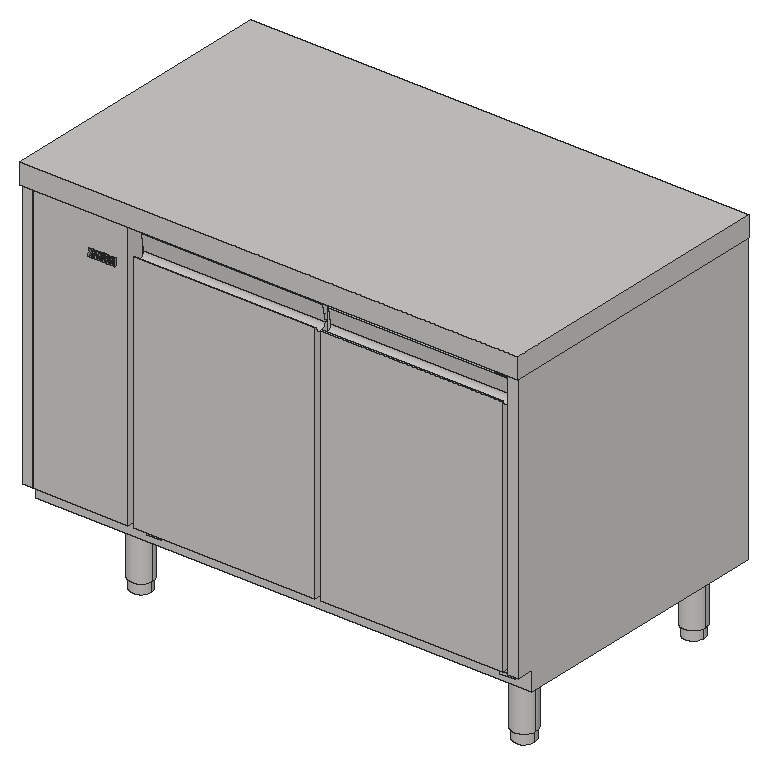
Revit family "QF_ZANUSSI_111070_ZH2KRAA", category Specialty Equipment, Revit 2018
Family settings
  Round Connector Dimension = Use Diameter
  Part Type = Normal
  Work Plane-Based = No
  Always vertical = Yes
  Cut with Voids When Loaded = No
  Shared = No
  Room Calculation Point = No
Parameters
  Weight = 0.00 kg
  Watts = 0.00836127 W
  Volts = 220 V
  URL Manufacturer = "http://www.zanussiprofessional.com/"
  URL = "http://www.zanussiprofessional.com/"
  Steam Supply Size = 0 mm
  Steam Supply Minimum Pressure = 0.0 Pa
  Steam Supply Maximum Pressure = 0.0 Pa
  Steam Pounds per Hour = 0
  Show Logo [instance] = yes
  Show Clearance [instance] = yes
  Refrigeration Suction Line Size = 0 mm
  Refrigeration Liquid Line Size = 0 mm
  Refrigerant Compressor Remote = yes
  Manufacturer = "Zanussi"
  Phase = 1
  Model = "ZH2KRAA"
  Length Actual = 1207 mm  # constant formula
  Item Number = "111070"
  Hot Water Size = 0 mm
  Height Actual = 900 mm  # constant formula
  HP = "0.1 HP"
  Gas Size = 0 mm
  Gas KW = 0
  Gas Input Pressure = 0 W
  Description = "2 DOORS FREEZER TABLE 290L-REM"
  Depth Actual = 700 mm  # constant formula
  Cycle = 0 Hz
  Condensate Return Size = 0 mm
  Compressed Air Volume = 0.0 L/s
  Compressed Air Size = 0 mm
  Compressed Air Pressure = 0.0 Pa
  Cold Water Size = 0 mm
  Accessory = yes
Reference planes
  plane 1 "Center X": y = 182.5
  plane 2: z = 0
  plane 3 "Center Y": x = -57.5
  plane 4: y = -62.5
  plane 5: y = 451.5
  plane 6 "BACK": y = 532.5
  plane 7 "FRONT": y = -167.5
  plane 8: x = -452
  plane 9: x = 478
  plane 10: z = 150
  plane 11 "TOP": z = 900
  plane 12: z = 850
  plane 13: x = -659
  plane 14: x = 544
  plane 15 "LEFT": x = -661
  plane 16 "RIGHT": x = 546
Forms (mm)
  Extrusion 1, solid, material "QF_Finishes_Stainless Steel"
    sketch origin (-57.5, 2, 0) x (0, 1, 0) y (0, 0, 1)
      loop
        line (530.5, 150) -> (530.5, 850) -> (-124.5, 850) -> (-124.5, 150) -> (530.5, 150)
    from -601.5 to 601.5
  Extrusion 2, solid, material "QF_Finishes_Stainless Steel"
    sketch origin (-1022.223, -1524, 150) x (-1, 0, 0) y (0, -1, 0)
      loop
        line (-363.223, -1361.5) -> (-388.223, -1361.5) -> (-388.223, -1401.5) -> (-363.223, -1401.5) -> (-363.223, -1361.5)
      loop
        line (-1566.223, -1401.5) -> (-1541.223, -1401.5) -> (-1541.223, -1361.5) -> (-1566.223, -1361.5) -> (-1566.223, -1401.5)
    from 47 to 700
  Extrusion 3, solid, material "QF_Finishes_Stainless Steel"
    sketch origin (0, 0, 900) x (-1, 0, 0) y (0, -1, 0)
      loop
        circle (-57, -94.5) r 8.45
    from -790.577 to -750
  Extrusion 4, solid, material "QF_Finishes_Stainless Steel"
    sketch origin (0, 0, 0) x (1, 0, 0) y (0, 1, 0)
      loop
        circle (-594, 207.5) r 8.45
    from 127.77 to 150
  Extrusion 5, solid, material "QF_Finishes_Stainless Steel"
    sketch origin (0, 0, 0) x (1, 0, 0) y (0, 1, 0)
      loop
        circle (-578, 162.5) r 4.75
    from 347 to 367
  Extrusion 6, solid, material "QF_Finishes_Stainless Steel"
    sketch origin (0, 0, 0) x (1, 0, 0) y (0, 1, 0)
      loop
        circle (-531, 4.5) r 4
    from 709 to 729
  Extrusion 7, solid, material "QF_Finishes_Stainless Steel"
    sketch origin (0, 0, 0) x (1, 0, 0) y (0, 1, 0)
      loop
        circle (-553, 159.5) r 4
    from 397 to 417
  Extrusion 8, solid, material "QF_Finishes_Stainless Steel"
    sketch origin (-57.5, 0, 0) x (0, 1, 0) y (0, 0, 1)
      loop
        line (-167.5, 900) -> (-167.5, 850) -> (532.5, 850) -> (532.5, 900) -> (-167.5, 900)
    from -603.5 to 603.5
Cuts and joins
  joined: Extrusion 1, Extrusion 2
Lines and regions (mm)
  symbolic lines, style "SpecialityEquipmentHiddenLines"
    curve 1: line (-661, -122.5, 900) -> (546, -122.5, 900)
    curve 2: line (-396, -167.5, 900) -> (-396, -122.5, 900)
  symbolic lines, style "SpecialityEquipment"
    curve 3: line (-661, 532.5, 900) -> (546, 532.5, 900)
    curve 4: line (-661, 532.5, 900) -> (-661, -167.5, 900)
    curve 5: line (-661, -167.5, 900) -> (546, -167.5, 900)
    curve 6: line (546, -167.5, 900) -> (546, 532.5, 900)
Dimensions and locks
  locked: plane 6 "BACK" to plane 7 "FRONT" at 700
  equal spacing: plane 6 "BACK", plane 1 "Center X", plane 7 "FRONT"
  locked: plane 6 "BACK" to plane 5 at 81
  plane 10 to level = 150 mm
  plane 11 "TOP" to plane 12 to plane 10 = 50 mm locked, 700 mm locked
  locked: Extrusion 2 sketch curve to Extrusion 2 sketch curve at 25  (x2)
  locked: plane 4 to plane 7 "FRONT" at 105
  locked: plane 6 "BACK" to Extrusion 3 sketch curve at 438
  equal spacing: plane 13, plane 3 "Center Y", plane 14
  plane 15 "LEFT" to plane 16 "RIGHT" = 1207 mm
  locked: plane 13 to plane 8 at 207
  locked: plane 9 to plane 14 at 66
  locked: Extrusion 3 sketch curve to plane 14 at 487
  plane 6 "BACK" to Extrusion 4 sketch curve = 325 mm
  locked: plane 13 to Extrusion 4 sketch curve at 65
  locked: plane 13 to Extrusion 7 sketch curve at 106
  locked: plane 6 "BACK" to Extrusion 7 sketch curve at 373
  locked: plane 6 "BACK" to Extrusion 5 sketch curve at 370
  locked: plane 13 to Extrusion 5 sketch curve at 81
  plane 13 to Extrusion 6 sketch curve = 128 mm
  plane 6 "BACK" to Extrusion 6 sketch curve = 528 mm
  locked: plane 10 to Extrusion 4 at 22.23
  cut or joined group of Extrusion 1, Extrusion 2 to Extrusion 5 to Extrusion 5 to Extrusion 7 to Extrusion 7 to Extrusion 6 to Extrusion 6 = 197 mm locked, 20 mm locked, 30 mm locked, 20 mm locked, 292 mm locked, 20 mm locked
  aligned and locked: level to plane 2
  aligned and locked: plane 10 to Extrusion 3
  aligned and locked: nested 4 to plane 4
  aligned and locked: nested 1 to plane 4
  aligned and locked: nested 3 to plane 5
  aligned and locked: nested 2 to plane 5
  aligned and locked: plane 8 to nested 1
  aligned and locked: plane 8 to nested 2
  aligned and locked: plane 9 to nested 4
  aligned and locked: plane 9 to nested 3
  aligned and locked: Extrusion 1 to Extrusion 2
  aligned and locked: Extrusion 2 to Extrusion 1
  aligned and locked: Extrusion 2 sketch curve to plane 14
  aligned and locked: plane 13 to Extrusion 2 sketch curve
  aligned and locked: cut or joined group of Extrusion 1, Extrusion 2 to plane 10
  aligned and locked: plane 12 to cut or joined group of Extrusion 1, Extrusion 2
  aligned and locked: plane 10 to Extrusion 4
  aligned and locked: Extrusion 8 to plane 15 "LEFT"
  aligned and locked: plane 6 "BACK" to Extrusion 8
  aligned and locked: plane 16 "RIGHT" to Extrusion 8
  aligned and locked: Extrusion 8 to plane 7 "FRONT"
  aligned and locked: plane 11 "TOP" to Extrusion 8
  aligned and locked: Extrusion 8 to plane 12
Automatic sketch dimensions
  Extrusion 1 sketch curve to plane 10 = 0 mm
  Extrusion 1 sketch curve to plane 12 = 0 mm
  Extrusion 1 sketch curve to plane 6 "BACK" = 0 mm
  plane 7 "FRONT" to Extrusion 1 sketch curve = 45 mm
  plane 7 "FRONT" to Extrusion 2 sketch curve = 45 mm  (x2)
  plane 7 "FRONT" to Extrusion 2 sketch curve = 5 mm  (x2)
  curve 6 to plane 6 "BACK" = 0 mm
  curve 6 to plane 16 "RIGHT" = 0 mm
  curve 2 to plane 7 "FRONT" = 0 mm
  curve 5 to plane 15 "LEFT" = 0 mm
  plane 8 to curve 2 = 56 mm
  plane 7 "FRONT" to curve 1 = 45 mm
  Extrusion 8 sketch curve to plane 7 "FRONT" = 0 mm
  Extrusion 8 sketch curve to plane 6 "BACK" = 0 mm
  Extrusion 8 sketch curve to plane 12 = 0 mm
  Extrusion 8 sketch curve to plane 11 "TOP" = 0 mm
  radius of Extrusion 3 sketch curve = 8.45 mm
  radius of Extrusion 4 sketch curve = 8.45 mm
  radius of Extrusion 5 sketch curve = 4.75 mm
  radius of Extrusion 6 sketch curve = 4 mm
  radius of Extrusion 7 sketch curve = 4 mm
Nested families
  nested 1: "Foot_Ø50_H150" at (-452, -62.5, 0), type "Foot_Ø50_H150"
  nested 2: "Foot_Ø50_H150" at (-452, 451.5, 0), type "Foot_Ø50_H150"
  nested 3: "Foot_Ø50_H150" at (478, 451.5, 0), type "Foot_Ø50_H150"
  nested 4: "Foot_Ø50_H150" at (478, -62.5, 0), type "Foot_Ø50_H150"
  nested 5: "ZAN_Cooling Unit_Remote" at (-518.5, -164.5, 0), Show Logo <- "Show Logo", type "ZAN_Cooling Unit_Remote"
  nested 6: "Door" at (285, -164.5, 0), Show Clearance <- "Show Clearance", type "Door"
  nested 7: "Door" at (-169, -164.5, 0) x (-1, 0, 0) z (0, 0, 1), Show Clearance <- "Show Clearance", type "Door"
  nested 8: "Freezer" at (544, -167.5, 900), type "Freezer"
Connectors
  piping at (-594, 207.5, 127.77), diameter 17
    settings: on Extrusion 4, index 1, connector inside diameter 609.6 mm, connector length 0 mm, flow factor 0, pipe flow 0.0 L/s, pressure drop 0.0 Pa, fitting loss kfactor 0, connector angle 0.00°, fixture units 0, engagement length 0 mm, angle of deflection 0.00°, flow configuration 1, flow direction 2, fitting loss method 0, system type 16, joint type 0, gender type 0, connector reference index -1, connector utility 0, adjustable connector no, is connector primary yes, connector description "Drain"
  piping at (-578, 162.5, 347), diameter 9.5
    settings: on Extrusion 5, index 2, connector inside diameter 609.6 mm, connector length 0 mm, flow factor 0, pipe flow 0.0 L/s, pressure drop 0.0 Pa, fitting loss kfactor 0, connector angle 0.00°, fixture units 0, engagement length 0 mm, angle of deflection 0.00°, flow configuration 1, flow direction 2, fitting loss method 0, system type 8, joint type 0, gender type 0, connector reference index -1, connector utility 0, adjustable connector no, is connector primary no, connector description "Refrigerant Outlet"
  piping at (-553, 159.5, 397), diameter 8
    settings: on Extrusion 7, index 3, connector inside diameter 609.6 mm, connector length 0 mm, flow factor 0, pipe flow 0.0 L/s, pressure drop 0.0 Pa, fitting loss kfactor 0, connector angle 0.00°, fixture units 0, engagement length 0 mm, angle of deflection 0.00°, flow configuration 1, flow direction 1, fitting loss method 0, system type 7, joint type 0, gender type 0, connector reference index -1, connector utility 0, adjustable connector no, is connector primary no, connector description "Refrigerant Inlet"
  electrical at (-531, 4.5, 709)
    settings: on Extrusion 6, index 4, voltage 0 V, apparent load 0 VA, apparent load phase1 0 VA, apparent load phase2 0 VA, apparent load phase3 0 VA, power factor 1, load classification "Altro", number of poles 1, system type 30, power factor state 1, is connector primary yes, connector utility no, sub classification motor no, connector description "Electrical Connection"
  piping at (57, 94.5, 109.423), diameter 17
    settings: on Extrusion 3, index 5, connector inside diameter 609.6 mm, connector length 0 mm, flow factor 0, pipe flow 0.0 L/s, pressure drop 0.0 Pa, fitting loss kfactor 0, connector angle 0.00°, fixture units 0, engagement length 0 mm, angle of deflection 0.00°, flow configuration 1, flow direction 2, fitting loss method 0, system type 16, joint type 0, gender type 0, connector reference index -1, connector utility 0, adjustable connector no, is connector primary no, connector description "Drain"
Definition of nested family "Foot_Ø50_H150"
  Reference planes
    plane 1 "Centro (Fronte/Retro)": y = 0
    plane 2: z = 0
    plane 3 "Centro (Sinistra/Destra)": x = 0
    plane 4: z = 150
  Forms (mm)
    Revolve 1, solid
      sketch origin (255.05, 0, 608.09) x (0, 0, 1) y (-1, 0, 0)
        loop
          line (-608.09, 255.05) -> (-608.09, 230.05) -> (-583.09, 230.05) -> (-583.09, 226.05) -> (-458.09, 226.05) -> (-458.09, 255.05) -> (-608.09, 255.05)
        axis (-608.09, 255.05) -> (-458.09, 255.05)
      angle from 0 to 360
  Dimensions and locks
    locked: Revolve 1 sketch curve to Revolve 1 sketch curve at 125
    aligned and locked: level to plane 2
    aligned and locked: plane 4 to Revolve 1 sketch curve
    aligned and locked: Revolve 1 sketch curve to level
    aligned and locked: plane 3 "Centro (Sinistra/Destra)" to Revolve 1 sketch curve
Definition of nested family "ZAN_Cooling Unit_Remote"
  Parameters
    Show Logo [instance] = yes
  Reference planes
    plane 1 "FRONT": y = -3
    plane 2: z = 0
    plane 3 "Centro (Sinistra/Destra)": x = 0
    plane 4: z = 150
    plane 5: z = 850
    plane 6: x = -115.5
    plane 7: x = 115.5
  Forms (mm)
    Extrusion 1, solid
      sketch origin (0, 55, 511) x (0, 0, 1) y (0, -1, 0)
        loop
          line (-314, 53) -> (-314, 13) -> (339, 13) -> (339, 53) -> (-314, 53)
      from -115.5 to 115.5
  Lines and regions (mm)
    Split face 1
      outline origin (0, 2, 197) x (0, 0, 1) y (-1, 0, 0)
        loop
          line (622.361, 88.738) -> (620.361, 90.738) -> (551.361, 90.738) -> (549.361, 88.738) -> (549.361, -88.738) -> (551.361, -90.738) -> (620.361, -90.738) -> (622.361, -88.738) -> (622.361, 88.738)
    Split face 2
      outline origin (0, 2, 197) x (0, 0, 1) y (-1, 0, 0)
        loop
          line (594.861, 71.967) -> (576.861, 71.967) -> (576.861, 6.967) -> (594.861, 6.967) -> (594.861, 71.967)
    Split face 3
      outline origin (0, 2, 197) x (0, 0, 1) y (-1, 0, 0)
        loop
          spline (549.361, 14.392) -> (554.282, 6.98) -> (559.415, 0.36) -> (564.759, -5.468) -> (570.314, -10.504) -> (576.08, -14.748) -> (582.058, -18.199) -> (588.247, -20.859) -> (594.647, -22.726) -> (601.259, -23.801) -> (608.081, -24.084) -> (615.115, -23.575) -> (622.361, -22.274)
        loop
          spline (549.361, 2.362) -> (555.285, -3.356) -> (561.239, -8.428) -> (567.221, -12.855) -> (573.232, -16.635) -> (579.272, -19.769) -> (585.341, -22.257) -> (591.439, -24.099) -> (597.565, -25.295) -> (603.721, -25.845) -> (609.905, -25.749) -> (616.118, -25.007) -> (622.361, -23.619)
  Dimensions and locks
    aligned and locked: level to plane 2
  Nested families
    nested 1: "ZAN_Logo_XS_Grey" at (52.418, 2, 758.75) x (1, 0, 0) z (0, -1, 0), visible <- "Show Logo", type "ZAN_Logo_XS_Grey"
  Definition of nested family "ZAN_Logo_XS_Grey"
    Parameters
      Default Elevation = 0 mm
    Reference planes
      plane 1 "Centro (Fronte/Retro)": y = 0
      plane 2: z = 0
      plane 3 "Centro (Sinistra/Destra)": x = 0
    Forms (mm)
      Extrusion 1, solid
        sketch origin (0, 0, 0) x (1, 0, 0) y (0, 1, 0)
          loop
            line (-1219.2, 1219.2) -> (-1219.2, -1219.2) -> (1219.2, -1219.2) -> (1219.2, 1219.2) -> (-1219.2, 1219.2)
        from 0 to -304.8
      Extrusion 2, solid
        sketch origin (17.793, -46.218, 0) x (-1, 0, 0) y (0, -1, 0)
          loop
            spline (1.911, -54.793) -> (2.402, -54.973) -> (2.91, -55.105) -> (3.43, -55.191) -> (3.955, -55.229) -> (4.482, -55.219) -> (5.006, -55.161) -> (5.521, -55.054) -> (6.022, -54.898) -> (6.506, -54.693) -> (6.966, -54.438) -> (7.398, -54.133) -> (7.797, -53.778)
            spline (7.797, -53.778) -> (8.033, -53.407) -> (8.237, -53.008) -> (8.407, -52.586) -> (8.544, -52.147) -> (8.65, -51.697) -> (8.723, -51.241) -> (8.764, -50.785) -> (8.774, -50.335) -> (8.753, -49.897) -> (8.701, -49.475) -> (8.619, -49.075) -> (8.507, -48.704)
            line (8.507, -48.704) -> (6.883, -46.37) -> (5.158, -44.848) -> (3.027, -42.716)
            spline (3.027, -42.716) -> (3.002, -42.56) -> (2.979, -42.398) -> (2.962, -42.23) -> (2.952, -42.059) -> (2.951, -41.886) -> (2.963, -41.714) -> (2.99, -41.545) -> (3.034, -41.378) -> (3.098, -41.218) -> (3.184, -41.065) -> (3.295, -40.921) -> (3.433, -40.788)
            line (3.433, -40.788) -> (4.752, -40.687)
            spline (4.752, -40.687) -> (4.999, -40.855) -> (5.185, -41.053) -> (5.32, -41.275) -> (5.41, -41.518) -> (5.463, -41.775) -> (5.488, -42.044) -> (5.491, -42.319) -> (5.481, -42.596) -> (5.466, -42.87) -> (5.452, -43.137) -> (5.448, -43.392) -> (5.462, -43.63)
            line (5.462, -43.63) -> (9.014, -43.63)
            spline (9.014, -43.63) -> (9.056, -43.199) -> (9.08, -42.769) -> (9.084, -42.342) -> (9.067, -41.92) -> (9.027, -41.503) -> (8.964, -41.093) -> (8.875, -40.691) -> (8.759, -40.3) -> (8.615, -39.919) -> (8.441, -39.552) -> (8.237, -39.198) -> (7.999, -38.86)
            spline (7.999, -38.86) -> (7.708, -38.596) -> (7.394, -38.361) -> (7.059, -38.155) -> (6.707, -37.977) -> (6.338, -37.828) -> (5.957, -37.706) -> (5.565, -37.612) -> (5.165, -37.545) -> (4.76, -37.504) -> (4.351, -37.491) -> (3.942, -37.503) -> (3.534, -37.541)
            spline (3.534, -37.541) -> (3.104, -37.608) -> (2.677, -37.709) -> (2.258, -37.842) -> (1.85, -38.007) -> (1.459, -38.203) -> (1.086, -38.429) -> (0.737, -38.685) -> (0.415, -38.969) -> (0.123, -39.282) -> (-0.133, -39.622) -> (-0.35, -39.989) -> (-0.525, -40.383)
            spline (-0.525, -40.383) -> (-0.633, -40.866) -> (-0.704, -41.352) -> (-0.738, -41.837) -> (-0.736, -42.318) -> (-0.698, -42.794) -> (-0.627, -43.262) -> (-0.521, -43.719) -> (-0.382, -44.164) -> (-0.211, -44.592) -> (-0.008, -45.003) -> (0.226, -45.394) -> (0.49, -45.761)
            line (0.49, -45.761) -> (4.549, -49.414) -> (5.056, -50.023) -> (5.259, -51.647) -> (4.042, -52.256) -> (3.027, -51.546) -> (2.925, -49.414) -> (-0.424, -49.414) -> (-0.22, -52.865)
            spline (-0.22, -52.865) -> (-0.13, -53.068) -> (-0.013, -53.268) -> (0.127, -53.466) -> (0.287, -53.658) -> (0.464, -53.843) -> (0.655, -54.019) -> (0.856, -54.185) -> (1.065, -54.338) -> (1.278, -54.478) -> (1.492, -54.601) -> (1.704, -54.707) -> (1.911, -54.793)
          loop
            spline (-10.267, -52.966) -> (-9.987, -53.421) -> (-9.658, -53.822) -> (-9.284, -54.17) -> (-8.873, -54.466) -> (-8.429, -54.711) -> (-7.959, -54.907) -> (-7.467, -55.054) -> (-6.96, -55.154) -> (-6.443, -55.207) -> (-5.922, -55.214) -> (-5.402, -55.178) -> (-4.889, -55.098)
            spline (-4.889, -55.098) -> (-4.532, -55.03) -> (-4.176, -54.93) -> (-3.825, -54.799) -> (-3.483, -54.639) -> (-3.156, -54.45) -> (-2.847, -54.235) -> (-2.561, -53.994) -> (-2.303, -53.729) -> (-2.077, -53.442) -> (-1.889, -53.134) -> (-1.742, -52.805) -> (-1.641, -52.459)
            spline (-1.641, -52.459) -> (-1.485, -51.997) -> (-1.371, -51.525) -> (-1.299, -51.049) -> (-1.269, -50.572) -> (-1.282, -50.098) -> (-1.337, -49.63) -> (-1.434, -49.173) -> (-1.574, -48.73) -> (-1.756, -48.306) -> (-1.98, -47.904) -> (-2.246, -47.528) -> (-2.555, -47.182)
            line (-2.555, -47.182) -> (-6.31, -43.833) -> (-7.121, -42.615)
            spline (-7.121, -42.615) -> (-7.146, -42.461) -> (-7.169, -42.304) -> (-7.188, -42.144) -> (-7.2, -41.984) -> (-7.204, -41.823) -> (-7.198, -41.664) -> (-7.178, -41.506) -> (-7.144, -41.352) -> (-7.093, -41.202) -> (-7.023, -41.058) -> (-6.932, -40.919) -> (-6.817, -40.788)
            line (-6.817, -40.788) -> (-5.802, -40.585)
            spline (-5.802, -40.585) -> (-5.443, -40.671) -> (-5.17, -40.818) -> (-4.971, -41.02) -> (-4.836, -41.266) -> (-4.753, -41.547) -> (-4.711, -41.854) -> (-4.699, -42.178) -> (-4.705, -42.51) -> (-4.718, -42.84) -> (-4.726, -43.16) -> (-4.719, -43.46) -> (-4.686, -43.731)
            line (-4.686, -43.731) -> (-1.134, -43.63)
            spline (-1.134, -43.63) -> (-1.09, -43.193) -> (-1.063, -42.747) -> (-1.055, -42.296) -> (-1.07, -41.845) -> (-1.112, -41.396) -> (-1.185, -40.953) -> (-1.291, -40.522) -> (-1.435, -40.104) -> (-1.619, -39.705) -> (-1.848, -39.329) -> (-2.125, -38.978) -> (-2.453, -38.657)
            spline (-2.453, -38.657) -> (-2.873, -38.351) -> (-3.319, -38.09) -> (-3.785, -37.876) -> (-4.269, -37.706) -> (-4.765, -37.582) -> (-5.269, -37.503) -> (-5.778, -37.468) -> (-6.287, -37.477) -> (-6.792, -37.53) -> (-7.288, -37.626) -> (-7.771, -37.765) -> (-8.238, -37.947)
            spline (-8.238, -37.947) -> (-8.443, -38.033) -> (-8.65, -38.14) -> (-8.858, -38.264) -> (-9.065, -38.405) -> (-9.269, -38.562) -> (-9.468, -38.733) -> (-9.661, -38.917) -> (-9.846, -39.112) -> (-10.022, -39.317) -> (-10.185, -39.53) -> (-10.335, -39.751) -> (-10.47, -39.977)
            spline (-10.47, -39.977) -> (-10.65, -40.464) -> (-10.783, -40.962) -> (-10.87, -41.467) -> (-10.91, -41.976) -> (-10.904, -42.487) -> (-10.851, -42.996) -> (-10.752, -43.501) -> (-10.606, -43.998) -> (-10.413, -44.486) -> (-10.174, -44.961) -> (-9.889, -45.421) -> (-9.557, -45.863)
            line (-9.557, -45.863) -> (-5.295, -49.719) -> (-4.787, -51.038) -> (-5.193, -52.053) -> (-6.107, -52.256) -> (-7.121, -51.546) -> (-7.223, -49.516) -> (-10.673, -49.414)
            spline (-10.673, -49.414) -> (-10.656, -49.721) -> (-10.65, -50.03) -> (-10.653, -50.341) -> (-10.658, -50.651) -> (-10.662, -50.96) -> (-10.661, -51.267) -> (-10.648, -51.569) -> (-10.621, -51.865) -> (-10.573, -52.154) -> (-10.502, -52.435) -> (-10.401, -52.706) -> (-10.267, -52.966)
          loop
            line (-11.282, -37.541) -> (-14.834, -37.541) -> (-14.834, -54.894) -> (-11.282, -54.894) -> (-11.282, -37.541)
          loop
            line (15.205, -41.702) -> (15.205, -54.894) -> (18.757, -54.894) -> (18.757, -43.224) -> (18.554, -40.383)
            arc (18.554, -40.383) -> (17.093, -38.328) -> (14.698, -37.541) r 4.037
            line (14.698, -37.541) -> (13.074, -37.541) -> (12.262, -37.744)
            arc (12.262, -37.744) -> (10.306, -39.004) -> (9.522, -41.194) r 3.619
            line (9.522, -41.194) -> (9.522, -54.894) -> (13.074, -54.894) -> (13.074, -42.006) -> (13.479, -41.093) -> (14.596, -40.991) -> (15.205, -41.702)
          loop
            line (19.569, -54.894) -> (22.816, -54.894) -> (22.816, -43.833) -> (25.759, -54.894) -> (29.514, -54.894) -> (29.514, -37.541) -> (26.368, -37.541) -> (26.368, -49.008) -> (23.425, -37.541) -> (19.569, -37.541) -> (19.569, -54.894)
          loop
            line (41.184, -54.894) -> (50.013, -54.894) -> (50.013, -51.647) -> (45.345, -51.749) -> (50.419, -41.093) -> (50.419, -37.541) -> (41.184, -37.541) -> (41.184, -41.093) -> (46.511, -41.093) -> (41.184, -51.952) -> (41.184, -54.894)
          loop
            line (32.964, -54.894) -> (37.835, -54.894) -> (40.981, -37.541) -> (37.328, -37.541) -> (36.821, -40.89) -> (33.878, -40.89) -> (33.37, -37.541) -> (29.717, -37.541) -> (32.964, -54.894)
          loop
            line (36.415, -44.036) -> (34.385, -44.036) -> (35.4, -51.928) -> (36.415, -44.036)
        from 0 to 1.644
    Dimensions and locks
      aligned and locked: plane 2 to Extrusion 1
      aligned and locked: level to Extrusion 1
Definition of nested family "Door"
  Parameters
    Show Clearance [instance] = yes
  Reference planes
    plane 1 "FRONT": y = -3
    plane 2: z = 0
    plane 3 "Centro (Sinistra/Destra)": x = 0
    plane 4: z = 150
    plane 5: z = 850
    plane 6: x = -234
    plane 7: x = 234
    plane 8: x = -220
    plane 9: x = 220
  Forms (mm)
    Extrusion 1, solid
      sketch origin (0, 53, 511) x (0, 0, 1) y (0, -1, 0)
        loop
          line (-323.003, 28.5) -> (-316.501, 28.5) -> (-316.501, 31) -> (-325.503, 31) -> (-325.503, 13.5) -> (-345.503, 13.5) -> (-345.503, 11) -> (-323.003, 11) -> (-323.003, 23.259) -> (-323.003, 28.5)
        loop
          line (-314, 27) -> (-316.501, 27) -> (-316.501, 18.501) -> (-319.752, 18.501) -> (-319.752, 16) -> (-314, 16) -> (-314, 27)
        loop
          line (315.003, 27) -> (315.003, 13.948) -> (315.003, 11) -> (327.503, 11) -> (327.503, 13.5) -> (317.503, 13.5) -> (317.503, 27) -> (315.003, 27)
      from 185 to 220
    Extrusion 2, solid, visible <- "Show Clearance", detail levels coarse
      sketch origin (0, 53, 511) x (0, -1, 0) y (1, 0, 0)
        loop
          line (51, 220) -> (51, -220)
          arc (51, -220) -> (339.234, -79.44) -> (454, 220) r 437.168
          line (454, 220) -> (51, 220)
      from -314 to 314
    Extrusion 3, solid
      sketch origin (0, 55, 511) x (0, 0, 1) y (0, -1, 0)
        loop
          line (314, 18) -> (314, 29) -> (274.395, 22.5)
          arc (274.395, 22.5) -> (260.395, 36.5) -> (274.395, 50.5) r 14
          line (274.395, 50.5) -> (274.395, 53) -> (-314, 53) -> (-314, 18) -> (314, 18)
      from -220 to 220
  Lines and regions (mm)
    symbolic lines
      curve 1: line (220, -3, 0) -> (220, -401, 0)
      curve 2: line (220, -401, 0) -> (185, -401, 0)
      curve 3: line (185, -401, 0) -> (185, -3, 0)
      curve 4: arc (-219.722, -3, 0) -> (-89.51, -275.368, 0) -> (185, -401, 0) r 442.855
  Dimensions and locks
    aligned and locked: level to plane 2
Definition of nested family "Freezer"
  Reference planes
    plane 1 "Center (Front/Back)": y = 0
    plane 2: z = 0
    plane 3 "Center (Left/Right)": x = 0
  Lines and regions (mm)
    detail lines, in view "Ref. Level"
      curve 1: spline (-500, 190, 0) -> (-493.185, 166.706, 0) -> (-473.205, 145, 0) -> (-441.421, 126.36, 0) -> (-400, 112.058, 0) -> (-351.764, 103.067, 0) -> (-300, 100, 0) -> (-248.236, 103.067, 0) -> (-200, 112.058, 0) -> (-158.579, 126.36, 0) -> (-126.795, 145, 0) -> (-106.815, 166.706, 0) -> (-100, 190, 0) -> (-106.815, 213.294, 0) -> (-126.795, 235, 0) -> (-158.579, 253.64, 0) -> (-200, 267.942, 0) -> (-248.236, 276.933, 0) -> (-300, 280, 0) -> (-351.764, 276.933, 0) -> (-400, 267.942, 0) -> (-441.421, 253.64, 0) -> (-473.205, 235, 0) -> (-493.185, 213.294, 0) -> (-500, 190, 0)
      curve 2: line (-220, 130, 0) -> (-220, 250, 0)
      curve 3: line (-271.962, 220, 0) -> (-168.038, 160, 0)
      curve 4: line (-271.962, 160, 0) -> (-168.038, 220, 0)
      curve 5: line (-200.884, 246.873, 0) -> (-220, 225, 0)
      curve 6: line (-220, 225, 0) -> (-239.116, 246.873, 0)
      curve 7: line (-250.311, 207.5, 0) -> (-260, 235.883, 0)
      curve 8: line (-279.736, 201.7, 0) -> (-250.311, 207.5, 0)
      curve 9: line (-250.311, 172.5, 0) -> (-279.736, 178.3, 0)
      curve 10: line (-260, 144.117, 0) -> (-250.311, 172.5, 0)
      curve 11: line (-220, 155, 0) -> (-239.116, 133.127, 0)
      curve 12: line (-200.884, 133.127, 0) -> (-220, 155, 0)
      curve 13: line (-189.689, 172.5, 0) -> (-180.304, 145.008, 0)
      curve 14: line (-161.188, 178.118, 0) -> (-189.689, 172.5, 0)
      curve 15: line (-189.689, 207.5, 0) -> (-161.188, 201.882, 0)
      curve 16: line (-180.304, 234.992, 0) -> (-189.689, 207.5, 0)
      curve 17: line (-380, 130, 0) -> (-380, 250, 0)
      curve 18: line (-431.962, 220, 0) -> (-328.038, 160, 0)
      curve 19: line (-431.962, 160, 0) -> (-328.038, 220, 0)
      curve 20: line (-360.884, 246.873, 0) -> (-380, 225, 0)
      curve 21: line (-380, 225, 0) -> (-399.116, 246.873, 0)
      curve 22: line (-410.311, 207.5, 0) -> (-419.696, 234.992, 0)
      curve 23: line (-438.812, 201.882, 0) -> (-410.311, 207.5, 0)
      curve 24: line (-410.311, 172.5, 0) -> (-438.812, 178.118, 0)
      curve 25: line (-419.696, 145.008, 0) -> (-410.311, 172.5, 0)
      curve 26: line (-380, 155, 0) -> (-399.116, 133.127, 0)
      curve 27: line (-360.884, 133.127, 0) -> (-380, 155, 0)
      curve 28: line (-349.689, 172.5, 0) -> (-340, 144.117, 0)
      curve 29: line (-320.264, 178.3, 0) -> (-349.689, 172.5, 0)
      curve 30: line (-349.689, 207.5, 0) -> (-320.264, 201.7, 0)
      curve 31: line (-340, 235.883, 0) -> (-349.689, 207.5, 0)
